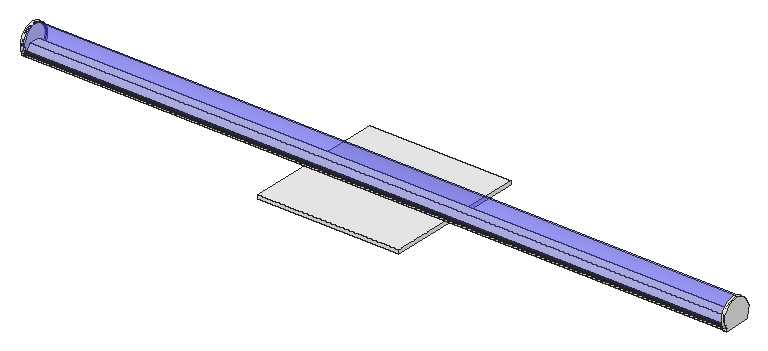
Revit family "BE_50218.1_de_DE", category Leuchten, Revit 2015
Parameters (values of type "BEGA_50218.1_K4")
  built-in parameter 1150104 = 14.939 (stored number, unit not read)
  Wattage = 70.4 W
  Default Elevation = 0 mm
  built-in parameter 1150113 = 1 (stored number, unit not read)
  built-in parameter 1114218 = 1 (stored number, unit not read)
  Umgebungstemperatur = "25 °C"
  URL = "http://www.bega.de/produkt/50218.1"
  Typenkommentare = "© 2017 BEGA. Wir behalten uns das Recht vor, technische Änderungen ohne vorherige Ankündigung vorzunehmen."  # constant formula
  built-in parameter 1150134 = 12
  built-in parameter 1150109 = 1 (stored number, unit not read)
  Strom = ""
  built-in parameter 1150110 = 1 (stored number, unit not read)
  Spannung = 239.996 V
  Sonderanfertigung = no
  Seriennummer [instance] = "Hier können Sie die eindeutige Seriennummer für das Facility Management eintragen."
  Schutzklasse = "I"
  Schutzart = ""
  Scheinlast = 0 VA
  Produktdatenblatt = "http://www.bega.de/download/Xrfa/db/50218.1.db.de.pdf"
  Oberflächentemperatur = ""
  Neigungswinkel = 0.00°
  Modell = "50218.1K4"
  Material_17 = BEGA_Reflektor
  Material_15 = BEGA_Leuchtmedium_matt
  Material_14 = BEGA_Kunststoff_opal
  Material_11 = BEGA_Glas_opal
  Material_09 = BEGA_Glas_klar
  Material_06 = BEGA_Oberfläche_Edelstahl_gebürstet
  Material_05 = BEGA_Oberfläche_Aluminium Guss
  Material_03 = BEGA_Oberfläche_Weiss_matt
  Material_02 = BEGA_Oberfläche_Silber_matt
  Material_01 [instance] = BEGA_Oberfläche_Grafit_matt
  M_W = no
  M_G = no
  M_A = no
  Logo = 0
  built-in parameter 1114217 = 1 (stored number, unit not read)
  built-in parameter 1150139 = (empty or 0)
  built-in parameter 1150105 = 900.84 (stored number, unit not read)
  built-in parameter 1150114 = 1 (stored number, unit not read)
  Lumens = 11320.3 lm
  built-in parameter 1150115 = 1 (stored number, unit not read)
  Leuchtenlichtstrom = "9735 lm"
  Leuchtenanzahl = ""
  Lebensdauerkriterien = "L70B50 @ 25 °C = 371000 h"
  Lastklassifizierung = Beleuchtung
  built-in parameter 1150112 = 1 (stored number, unit not read)
  Lampenlichtstrom = "11320 lm"
  Lampe = "LED 70.4 W"
  LED_Modulbezeichnung = "8x LED-0694/940 "
  Hersteller = "BEGA"  # constant formula
  Halbstreuwinkel = ""
  Gewicht = "5.0 kg"
  Gebrauchslageneinschränkung [instance] = ""
  Frequenz = "0/50-60 Hz"
  Farbwiedergabeindex = "Ra > 90"
  Farbtemperaturverschiebung bei Dämpfen der Lampe = <Keine Auswahl>
  Farbtemperatur = "4000 K"
  Color Filter = 16777215
  built-in parameter 1150133 = 10 (stored number, unit not read)
  Energieeffizienzklasse = "LED A++ - A"
  built-in parameter 1150137 = (empty or 0)
  built-in parameter 1150132 = (empty or 0)
  ENEC = ""
  Dimmbar [instance] = "DALI"
  Datei für fotometrisches Netz = "BE_50218K4.IES"
  CE_Konformität = "ja"
  Bestellnummer = "50218.1K4"
  Beschreibung_Sonderanfertigung = "Hier können Sie Informationen zur Sonderanfertigung eintragen."
  Beschreibung = "Decken- und Wandleuchte"
  built-in parameter 1150106 = 9.0084 (stored number, unit not read)
  Befestigungsbohrung = "Ø 5,5 mm"
  Befestigungsabstand = ""
  Ballwurfsicher = ""
  BEGA_Intern_aus = yes
  BEGA_Intern_an = yes
  BEGA_Intern_Konstruktion = yes
  BEGA_Intern = yes
  BEGA_IES = yes
  BEGA_Dummy = no
  Anschlussleitung = ""
  Anschlussleistung [instance] = "80 W"
  Anschlusskasten = ""
  built-in parameter 1150107 = 4000 (stored number, unit not read)
  built-in parameter 1150102 = (empty or 0)
  built-in parameter 1150138 = (empty or 0)
  Aktualisierung = "2017-09-29T04:10:01"
  Abstand_zur_angestrahlten_Fläche [instance] = ""
  AC/DC = "AC/DC"
Types (2, lengths in mm): name | built-in parameter 1150104 | built-in parameter 1150134 | Modell | built-in parameter 1150105 | Lumens | Leuchtenlichtstrom | Lampenlichtstrom | LED_Modulbezeichnung | Farbtemperatur | Datei für fotometrisches Netz | Bestellnummer | built-in parameter 1150106 | built-in parameter 1150107
  BEGA_50218.1_K3 | 14.465 (stored number, unit not read) | (empty or 0) | "50218.1" | 872.27 (stored number, unit not read) | 10961.3 lm | "9425 lm" | "10960 lm" | "8x LED-0694/930" | "3000 K" | "BE_50218.IES" | "50218.1" | 8.7227 (stored number, unit not read) | 3000 (stored number, unit not read)
  BEGA_50218.1_K4 | 14.939 (stored number, unit not read) | 12 | "50218.1K4" | 900.84 (stored number, unit not read) | 11320.3 lm | "9735 lm" | "11320 lm" | "8x LED-0694/940 " | "4000 K" | "BE_50218K4.IES" | "50218.1K4" | 9.0084 (stored number, unit not read) | 4000 (stored number, unit not read)
Reference planes
  plane 1 "Mitte (Vorne/Hinten)": y = 0
  plane 2: z = 0
  plane 3 "Mitte (Links/Rechts)": x = 0
  plane 4 "Links": x = -1005
  plane 5 "Rechts": x = 1005
  plane 6 "Unten": y = -41.921
  plane 7 "Oben": y = 41.921
  plane 8 "Vorne": z = 71.071
  plane 9 "Hinten": z = 0
Forms (mm)
  Extrusion 1, solid, material "BEGA_Platte_Weiss"
    sketch origin (0, -1119.2, 0) x (1, 0, 0) y (0, 1, 0)
      loop
        line (-200, 1319.2) -> (-200, 919.2) -> (200, 919.2) -> (200, 1319.2) -> (-200, 1319.2)
    from 0 to -10
  Extrusion 2, solid, material "BEGA_Dummy_matt", visible <- "BEGA_Dummy"
    sketch origin (80.095, -76.023, 0) x (1, 0, 0) y (0, 1, 0)
      loop
        line (-1085.095, 117.944) -> (-1085.095, 34.102) -> (924.905, 34.102) -> (924.905, 117.944) -> (-1085.095, 117.944)
    from 0 to 71.071
Dimensions and locks
  plane 1 "Mitte (Vorne/Hinten)" to Extrusion 1 = 200 mm
  aligned and locked: plane 2 to Extrusion 1
  aligned and locked: level to Extrusion 1
Nested families
  nested 1: "BE_50218.1" at (0, 0, 0), type "BE_50218.1"
Connectors
  electrical at (0, 0, 0), driven by "Lastklassifizierung", driven by "Spannung", driven by "Scheinlast"
    settings: index 1, voltage 239.996 V, apparent load 0 VA, apparent load phase1 0 VA, apparent load phase2 0 VA, apparent load phase3 0 VA, power factor 1, load classification "Beleuchtung", number of poles 1, system type 31, power factor state 1, is connector primary yes, connector utility no, sub classification motor no, connector description ""
Definition of nested family "BE_50218.1"
  Parameters (values of type "BE_50218.1")
    Default Elevation = 1 mm
    URL = "http://www.bega.de/de/produkt"
    Type Comments = "© 2015 BEGA. Wir behalten uns das Recht vor, technische Änderungen ohne vorherige Ankündigung vorzunehmen. "  # constant formula
    Type Image = (empty or 0)
    Neigungswinkel_um_Z2 = 0.00°
    Neigungswinkel_um_Z1 = 0.00°
    Neigungswinkel_um_Y2 = 0.00°
    Neigungswinkel_um_Y1 = 0.00°
    Neigungswinkel_um_X2 = 0.00°
    Neigungswinkel_um_X1 = 0.00°
    Material_17 = none
    Material_15 = none
    Material_14 = none
    Material_11 = none
    Material_09 = none
    Material_06 = none
    Material_05 = none
    Material_03 = none
    Material_02 = none
    Material_01 = none
    M_W = yes
    M_G = yes
    M_A = yes
    Länge_Platte = 2200 mm  # constant formula
    Höhe_Platte = -10 mm  # constant formula
    Manufacturer = "BEGA"  # constant formula
    Drehwinkel_um_Z2 = 0.00°
    Drehwinkel_um_Z1 = 0.00°
    Breite_Platte = 200 mm  # constant formula
  Reference planes
    plane 1 "Mitte (Oben/Unten)": y = 0
    plane 2: z = 0
    plane 3 "Mitte (Links/Rechts)": x = 0
    plane 4: z = 71.071
    plane 5: y = 41.921
    plane 6: y = -41.921
    plane 7: x = -1005
    plane 8: x = 1005
  Forms (mm)
    Extrusion 1, solid, detail levels medium
      sketch origin (0, 0, 0) x (1, 0, 0) y (0, 1, 0)
        loop
          line (-1100, 100) -> (-1100, -100) -> (1100, -100) -> (1100, 100) -> (-1100, 100)
      from 0 to -10 <- "Höhe_Platte"
    Extrusion 2, solid, material <- "Material_03", detail levels medium+fine
      sketch origin (0, 0, 0) x (0, 1, 0) y (0, 0, 1)
        loop
          line (29.5, 1.05) -> (33.5, 1.05)
          arc (33.5, 1.05) -> (33.854, 1.196) -> (34, 1.55) r 0.5
          line (34, 1.55) -> (34.005, 6.55)
          arc (34.005, 6.55) -> (33.854, 6.904) -> (33.5, 7.05) r 0.5
          line (33.5, 7.05) -> (26.25, 7.05) -> (26.25, 9.05) -> (14.75, 25.75) -> (-14.75, 25.75) -> (-26.25, 9.05) -> (-26.25, 7.05) -> (-33.5, 7.05)
          arc (-33.5, 7.05) -> (-33.854, 6.904) -> (-34, 6.55) r 0.5
          line (-34, 6.55) -> (-34.005, 1.55)
          arc (-34.005, 1.55) -> (-33.854, 1.196) -> (-33.5, 1.05) r 0.5
          line (-33.5, 1.05) -> (-29.5, 1.05)
          arc (-29.5, 1.05) -> (-29.146, 1.196) -> (-29, 1.55) r 0.5
          line (-29, 1.55) -> (-29, 3.75) -> (-15.25, 3.75) -> (-15.25, 17.45) -> (15.25, 17.45) -> (15.25, 3.75) -> (29, 3.75) -> (29, 1.55)
          arc (29, 1.55) -> (29.146, 1.196) -> (29.5, 1.05) r 0.5
      from -1000.697 to 1000.697
    Extrusion 3, solid, material <- "Material_03", detail levels medium+fine
      sketch origin (-700, 0, 0) x (0, 1, 0) y (0, 0, -1)
        loop
          line (35.921, -1.279) -> (-35.921, -1.281) -> (-35.921, -7.539)
          arc (-35.921, -7.539) -> (0, -71.071) -> (35.921, -7.539) r 41.921
          line (35.921, -7.539) -> (35.921, -1.279)
      from 295.131 to 305
    Extrusion 4, void
      sketch origin (-700, 0, 0) x (0, 1, 0) y (0, 0, -1)
        loop
          line (34.005, 0) -> (-34.005, 0) -> (-34.005, -8.308)
          arc (-34.005, -8.308) -> (0, -69.951) -> (34.005, -8.308) r 40.201
          line (34.005, -8.308) -> (34.005, 0)
      from 293.13 to 300.697
    Extrusion 5, solid, material <- "Material_14", detail levels medium+fine
      sketch origin (0, 0, 0) x (0, 1, 0) y (0, 0, 1)
        loop
          arc (-34.253, 8.991) -> (-33.161, 7.935) -> (-31.69, 7.55) r 3
          line (-31.69, 7.55) -> (-28.25, 7.55)
          arc (-28.25, 7.55) -> (-27.25, 8.55) -> (-28.25, 9.55) r 1
          line (-28.25, 9.55) -> (-31.69, 9.55)
          arc (-31.69, 9.55) -> (-32.179, 9.678) -> (-32.543, 10.028) r 1
          arc (-32.543, 10.028) -> (0, 67.648) -> (32.543, 10.028) r 38
          arc (32.543, 10.028) -> (32.179, 9.678) -> (31.69, 9.55) r 1
          line (31.69, 9.55) -> (28.25, 9.55)
          arc (28.25, 9.55) -> (27.25, 8.55) -> (28.25, 7.55) r 1
          line (28.25, 7.55) -> (31.69, 7.55)
          arc (31.69, 7.55) -> (33.161, 7.935) -> (34.253, 8.991) r 3
          arc (34.253, 8.991) -> (0, 69.648) -> (-34.253, 8.991) r 40
      from -1000.697 to 1000.697
    Extrusion 6, solid, material <- "Material_05", detail levels medium+fine
      sketch origin (0, 0, 0) x (1, 0, 0) y (0, 1, 0)
        loop
          line (813, 28.5) -> (787, 28.5)
          arc (787, 28.5) -> (785.586, 27.914) -> (785, 26.5) r 2
          line (785, 26.5) -> (785, -26.5)
          arc (785, -26.5) -> (785.586, -27.914) -> (787, -28.5) r 2
          line (787, -28.5) -> (813, -28.5)
          arc (813, -28.5) -> (814.414, -27.914) -> (815, -26.5) r 2
          line (815, -26.5) -> (815, 26.5)
          arc (815, 26.5) -> (814.414, 27.914) -> (813, 28.5) r 2
        loop
          arc (487, 28.5) -> (485.586, 27.914) -> (485, 26.5) r 2
          line (485, 26.5) -> (485, -26.5)
          arc (485, -26.5) -> (485.586, -27.914) -> (487, -28.5) r 2
          line (487, -28.5) -> (513, -28.5)
          arc (513, -28.5) -> (514.414, -27.914) -> (515, -26.5) r 2
          line (515, -26.5) -> (515, 26.5)
          arc (515, 26.5) -> (514.414, 27.914) -> (513, 28.5) r 2
          line (513, 28.5) -> (487, 28.5)
        loop
          arc (-813, 28.5) -> (-814.414, 27.914) -> (-815, 26.5) r 2
          line (-815, 26.5) -> (-815, -26.5)
          arc (-815, -26.5) -> (-814.414, -27.914) -> (-813, -28.5) r 2
          line (-813, -28.5) -> (-787, -28.5)
          arc (-787, -28.5) -> (-785.586, -27.914) -> (-785, -26.5) r 2
          line (-785, -26.5) -> (-785, 26.5)
          arc (-785, 26.5) -> (-785.586, 27.914) -> (-787, 28.5) r 2
          line (-787, 28.5) -> (-813, 28.5)
        loop
          line (-487, 28.5) -> (-513, 28.5)
          arc (-513, 28.5) -> (-514.414, 27.914) -> (-515, 26.5) r 2
          line (-515, 26.5) -> (-515, -26.5)
          arc (-515, -26.5) -> (-514.414, -27.914) -> (-513, -28.5) r 2
          line (-513, -28.5) -> (-487, -28.5)
          arc (-487, -28.5) -> (-485.586, -27.914) -> (-485, -26.5) r 2
          line (-485, -26.5) -> (-485, 26.5)
          arc (-485, 26.5) -> (-485.586, 27.914) -> (-487, 28.5) r 2
      from 1.55 to 5
    Extrusion 7, solid, material <- "Material_05", detail levels medium+fine
      sketch origin (0, 0, 0) x (1, 0, 0) y (0, 1, 0)
        loop
          circle (-810.5, 24) r 2
        loop
          circle (-810.5, -24) r 2
        loop
          circle (-789.5, -24) r 2
        loop
          circle (-789.5, 24) r 2
        loop
          circle (-510.5, 24) r 2
        loop
          circle (-510.5, -24) r 2
        loop
          circle (-489.5, -24) r 2
        loop
          circle (-489.5, 24) r 2
        loop
          circle (810.5, 24) r 2
        loop
          circle (810.5, -24) r 2
        loop
          circle (789.5, -24) r 2
        loop
          circle (789.5, 24) r 2
        loop
          circle (510.5, 24) r 2
        loop
          circle (510.5, -24) r 2
        loop
          circle (489.5, -24) r 2
        loop
          circle (489.5, 24) r 2
      from 0 to 3.55
    Extrusion 8, void
      sketch origin (0, 0, 0) x (1, 0, 0) y (0, 1, 0)
        loop
          arc (802.75, 3.25) -> (800, 6) -> (797.25, 3.25) r 2.75
          line (797.25, 3.25) -> (797.25, -3.25)
          arc (797.25, -3.25) -> (800, -6) -> (802.75, -3.25) r 2.75
          line (802.75, -3.25) -> (802.75, 3.25)
        loop
          arc (-796.75, -2.75) -> (-794, 0) -> (-796.75, 2.75) r 2.75
          line (-796.75, 2.75) -> (-803.25, 2.75)
          arc (-803.25, 2.75) -> (-806, 0) -> (-803.25, -2.75) r 2.75
          line (-803.25, -2.75) -> (-796.75, -2.75)
        loop
          arc (502.75, 3.25) -> (500, 6) -> (497.25, 3.25) r 2.75
          line (497.25, 3.25) -> (497.25, -3.25)
          arc (497.25, -3.25) -> (500, -6) -> (502.75, -3.25) r 2.75
          line (502.75, -3.25) -> (502.75, 3.25)
        loop
          arc (-496.75, -2.75) -> (-494, 0) -> (-496.75, 2.75) r 2.75
          line (-496.75, 2.75) -> (-503.25, 2.75)
          arc (-503.25, 2.75) -> (-506, 0) -> (-503.25, -2.75) r 2.75
          line (-503.25, -2.75) -> (-496.75, -2.75)
      from 0 to 7
    Revolve 9, void
      sketch origin (-499.664, 0, 0) x (1, 0, 0) y (0, 0, 1)
        loop
          line (-501.9, 32.745) -> (-505.336, 36.181) -> (-505.336, 29.75) -> (-501.9, 29.75) -> (-501.9, 32.745)
        axis (-501.9, 29.75) -> (-505.336, 29.75)
      angle from 0 to 360
    Revolve 10, solid, material <- "Material_06", detail levels fine
      sketch origin (-499.664, 0, 0) x (1, 0, 0) y (0, 0, 1)
        loop
          line (-504.671, 29.75) -> (-501.9, 29.75) -> (-501.9, 32.329) -> (-504.671, 35.1) -> (-504.671, 29.75)
        axis (-501.9, 29.75) -> (-504.671, 29.75)
      angle from 0 to 360
    Extrusion 11, solid, material <- "Material_03", detail levels medium+fine
      sketch origin (700, 0, 0) x (0, 1, 0) y (0, 0, 1)
        loop
          line (35.921, 1.279) -> (35.921, 7.539)
          arc (35.921, 7.539) -> (0, 71.071) -> (-35.921, 7.539) r 41.921
          line (-35.921, 7.539) -> (-35.921, 1.281) -> (35.921, 1.279)
      from 295.131 to 305
    Extrusion 12, void
      sketch origin (700, 0, 0) x (0, 1, 0) y (0, 0, 1)
        loop
          line (34.005, 0) -> (34.005, 8.308)
          arc (34.005, 8.308) -> (0, 69.951) -> (-34.005, 8.308) r 40.201
          line (-34.005, 8.308) -> (-34.005, 0) -> (34.005, 0)
      from 293.13 to 300.697
  Cuts and joins
    Extrusion 4, Revolve 9, Extrusion 12 cuts Extrusion 3
    Extrusion 12 cuts Extrusion 11
    joined: Extrusion 3, Extrusion 11
    Extrusion 8 cuts Extrusion 6
    Extrusion 8 cuts Extrusion 7
    joined: Extrusion 6, Extrusion 7
    Extrusion 8, Revolve 9 cuts Extrusion 2
    Extrusion 8 cuts Extrusion 5
  Dimensions and locks
    equal spacing: Extrusion 1 sketch curve, plane 3 "Mitte (Links/Rechts)", Extrusion 1 sketch curve
    equal spacing: Extrusion 1 sketch curve, plane 1 "Mitte (Oben/Unten)", Extrusion 1 sketch curve
    "Länge_Platte": Extrusion 1 sketch curve to Extrusion 1 sketch curve
    "Breite_Platte": Extrusion 1 sketch curve to Extrusion 1 sketch curve
    aligned and locked: Extrusion 1 to plane 2
    aligned and locked: level to Extrusion 1
  Automatic sketch dimensions
    level to Extrusion 2 sketch curve = 1.55 mm  (x2)
    Extrusion 2 sketch curve to plane 6 = 8.421 mm
    Extrusion 2 sketch curve to Extrusion 2 sketch curve = 0 mm  (x5)
    level to Extrusion 2 sketch curve = 1.05 mm
    Extrusion 2 sketch curve to Extrusion 2 sketch curve = 4 mm  (x2)
    Extrusion 2 sketch curve to Extrusion 2 sketch curve = 0.5 mm  (x6)
    Extrusion 2 sketch curve to Extrusion 2 sketch curve = 2.75 mm  (x2)
    Extrusion 2 sketch curve to Extrusion 2 sketch curve = 11 mm  (x2)
    Extrusion 2 sketch curve to plane 1 "Mitte (Oben/Unten)" = 14.75 mm
    Extrusion 2 sketch curve to Extrusion 2 sketch curve = 4.5 mm
    Extrusion 2 sketch curve to Extrusion 2 sketch curve = 2.2 mm  (x2)
    Extrusion 2 sketch curve to Extrusion 2 sketch curve = 5 mm  (x2)
    Extrusion 2 sketch curve to Extrusion 2 sketch curve = 3.3 mm
    Extrusion 2 sketch curve to Extrusion 2 sketch curve = 2 mm  (x2)
    Extrusion 2 sketch curve to Extrusion 2 sketch curve = 13.7 mm
    Extrusion 2 sketch curve to Extrusion 2 sketch curve = 8.3 mm
    Extrusion 2 sketch curve to Extrusion 2 sketch curve = 0.005 mm  (x2)
    Extrusion 3 sketch curve to plane 1 "Mitte (Oben/Unten)" = 0 mm
    level to Extrusion 3 sketch curve = 1.281 mm
    Extrusion 3 sketch curve to plane 6 = 6 mm
    level to Extrusion 3 sketch curve = 1.279 mm
    Extrusion 3 sketch curve to plane 5 = 6 mm
    Extrusion 3 sketch curve to Extrusion 3 sketch curve = 6.26 mm
    level to Extrusion 3 sketch curve = 29.15 mm
    Extrusion 4 sketch curve to level = 0 mm
    Extrusion 4 sketch curve to plane 1 "Mitte (Oben/Unten)" = 0 mm
    Extrusion 4 sketch curve to plane 6 = 7.916 mm
    Extrusion 4 sketch curve to plane 5 = 7.916 mm
    Extrusion 4 sketch curve to Extrusion 4 sketch curve = 8.308 mm
    level to Extrusion 4 sketch curve = 29.75 mm
    Extrusion 5 sketch curve to Extrusion 5 sketch curve = 0 mm  (x6)
    Extrusion 5 sketch curve to plane 1 "Mitte (Oben/Unten)" = 0 mm
    Extrusion 5 sketch curve to plane 6 = 13.671 mm
    Extrusion 5 sketch curve to Extrusion 5 sketch curve = 3.44 mm  (x2)
    level to Extrusion 5 sketch curve = 8.55 mm  (x2)
    Extrusion 5 sketch curve to plane 5 = 13.671 mm
    Extrusion 5 sketch curve to Extrusion 5 sketch curve = 1 mm  (x4)
    level to Extrusion 5 sketch curve = 29.648 mm
    Extrusion 5 sketch curve to Extrusion 5 sketch curve = 0.853 mm
    Extrusion 5 sketch curve to Extrusion 5 sketch curve = 1.71 mm
    plane 4 to Revolve 9 sketch curve = 34.89 mm
    Revolve 9 sketch curve to Revolve 9 sketch curve = 3.436 mm  (x2)
    Revolve 9 sketch curve to Revolve 9 sketch curve = 2.995 mm
    Revolve 9 sketch curve to Revolve 9 sketch curve = 0.405 mm
    Revolve 9 sketch curve to Revolve 9 sketch curve = 0.92 mm
    Revolve 9 sketch curve to Revolve 9 sketch curve = 0 mm
    level to Revolve 10 sketch curve = 35.1 mm
    Revolve 10 sketch curve to Revolve 10 sketch curve = 2.771 mm  (x2)
    Revolve 10 sketch curve to Revolve 10 sketch curve = 2.579 mm
    Revolve 10 sketch curve to Revolve 10 sketch curve = 2.103 mm
    Revolve 10 sketch curve to Revolve 10 sketch curve = 0 mm  (x2)
    Extrusion 11 sketch curve to plane 1 "Mitte (Oben/Unten)" = 0 mm
    level to Extrusion 11 sketch curve = 1.281 mm
    Extrusion 11 sketch curve to plane 6 = 6 mm
    level to Extrusion 11 sketch curve = 1.279 mm
    Extrusion 11 sketch curve to plane 5 = 6 mm
    Extrusion 11 sketch curve to Extrusion 11 sketch curve = 6.26 mm
    level to Extrusion 11 sketch curve = 29.15 mm
    Extrusion 12 sketch curve to level = 0 mm
    Extrusion 12 sketch curve to plane 1 "Mitte (Oben/Unten)" = 0 mm
    Extrusion 12 sketch curve to plane 6 = 7.916 mm
    Extrusion 12 sketch curve to plane 5 = 7.916 mm
    Extrusion 12 sketch curve to Extrusion 12 sketch curve = 8.308 mm
    level to Extrusion 12 sketch curve = 29.75 mm
    Revolve 9 sketch curve to plane 3 "Mitte (Links/Rechts)" = 1005 mm
    Revolve 10 sketch curve to plane 3 "Mitte (Links/Rechts)" = 1004.334 mm
    Extrusion 6 sketch curve to plane 6 = 15.421 mm  (x3)
    Extrusion 6 sketch curve to Extrusion 6 sketch curve = 2 mm  (x12)
    Extrusion 6 sketch curve to Extrusion 6 sketch curve = 26 mm  (x8)
    Extrusion 6 sketch curve to plane 5 = 13.421 mm
    Extrusion 6 sketch curve to plane 5 = 15.421 mm  (x3)
    Extrusion 6 sketch curve to plane 6 = 13.421 mm
    Extrusion 8 sketch curve to plane 1 "Mitte (Oben/Unten)" = 2.75 mm  (x2)
    Extrusion 8 sketch curve to Extrusion 8 sketch curve = 6.5 mm  (x2)
    plane 1 "Mitte (Oben/Unten)" to Extrusion 8 sketch curve = 2.75 mm  (x2)
    plane 1 "Mitte (Oben/Unten)" to Extrusion 8 sketch curve = 3.25 mm  (x2)
    plane 3 "Mitte (Links/Rechts)" to Extrusion 8 sketch curve = 497.25 mm
    Extrusion 8 sketch curve to Extrusion 8 sketch curve = 2.75 mm  (x2)
    Extrusion 8 sketch curve to plane 1 "Mitte (Oben/Unten)" = 3.25 mm  (x2)
    Extrusion 7 sketch curve to plane 6 = 17.921 mm  (x8)
    Extrusion 7 sketch curve to plane 5 = 17.921 mm  (x8)
    Extrusion 7 sketch curve to Extrusion 7 sketch curve = 0 mm  (x4)
    Extrusion 7 sketch curve to Extrusion 7 sketch curve = 21 mm  (x8)
    Extrusion 6 sketch curve to plane 3 "Mitte (Links/Rechts)" = 485 mm
    plane 7 to Extrusion 6 sketch curve = 220 mm
    Extrusion 7 sketch curve to plane 3 "Mitte (Links/Rechts)" = 489.5 mm
    plane 7 to Extrusion 7 sketch curve = 215.5 mm
    Extrusion 8 sketch curve to plane 3 "Mitte (Links/Rechts)" = 496.75 mm
    plane 7 to Extrusion 8 sketch curve = 208.25 mm
    plane 3 "Mitte (Links/Rechts)" to Extrusion 6 sketch curve = 485 mm
    Extrusion 6 sketch curve to plane 8 = 220 mm
    plane 3 "Mitte (Links/Rechts)" to Extrusion 7 sketch curve = 489.5 mm
    Extrusion 7 sketch curve to plane 8 = 215.5 mm
    Extrusion 8 sketch curve to plane 8 = 207.75 mm
    radius of Extrusion 7 sketch curve = 2 mm  (x16)
